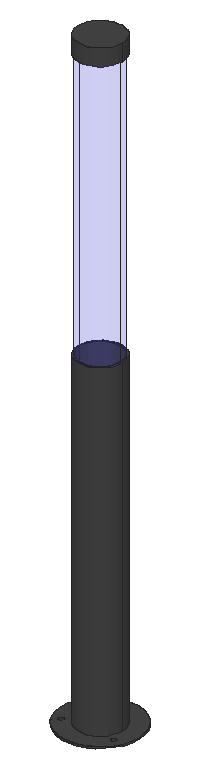
Revit family "svetilnik_alfresco_solo", category Осветительные приборы, Revit 2016
Family settings
  Тип детали = Нормальный
  Размер круглого соединителя = Использовать диаметр
  На основе рабочей плоскости = Нет
  Всегда вертикально = Да
  При загрузке вырезать с полостями = Нет
  Источник света = Да
  Общий = Нет
  Точка расчета площади = Нет
Parameters (values of type "Соло-1,5 (1)")
  built-in parameter 1150104 = 13.8 (stored number, unit not read)
  built-in parameter 1150134 = 12
  Файл фотометрической сетки = "solo12W 1,5m.ies"
  Tilt Angle = 90.00°  # constant formula
  built-in parameter 1150137 = (empty or 0)
  built-in parameter 1150132 = 2
  built-in parameter 1150114 = 1 (stored number, unit not read)
  Dimming Lamp Color Temperature Shift = (empty or 0)
  built-in parameter 1150105 = 105.04 (stored number, unit not read)
  Color Filter = 16777215
  Lumens = 1320 lm
  Радиус фланца = 95 mm
  Ширина корпуса = 108 mm
  Цветовая температура = "2700-6500"
  Тип продукции = "LED-светильник"
  Тип ПРА = "-"
  Тип КСС = "Круглосимметричная"
  Тип ИС = "LED-светодиоды"
  Температура эксплуатации = "-35 +40"
  Разработано = "support@bimlib.ru"  # constant formula
  built-in parameter 1150109 = 1 (stored number, unit not read)
  built-in parameter 1150112 = 1 (stored number, unit not read)
  built-in parameter 1150110 = 1 (stored number, unit not read)
  built-in parameter 1150113 = 1 (stored number, unit not read)
  built-in parameter 1150115 = 1 (stored number, unit not read)
  built-in parameter 1114218 = 1 (stored number, unit not read)
  built-in parameter 1114217 = 1 (stored number, unit not read)
  Плафон = PC
  built-in parameter 1150106 = 1.0504 (stored number, unit not read)
  built-in parameter 1150142 = "IESNA:LM-63-1995\r\n[TEST]\tAlf\r\n[MANUFAC] Alfresco\r\n[LUMCAT]Соло\r\n[LUMINAIRE] Landscape\r\n[LAMP]25W led\r\n[DATE]\t07.09.14\r\nTILT=NONE\r\n1 1200.0 1.2 37 1 1 2 0.10 0.10 0.70\r\n1.0 1 12.0\r\n0.0 5.0 10.0 15.0 20.0 25.0 30.0 35.0 40.0 45.0 50.0 55.0 60.0 65.0 70.0 75.0 80.0 85.0 90.0 95.0 100.0 105.0 110.0 115.0 120.0\r\n 125.0 130.0 135.0 140.0 145.0 150.0 155.0 160.0 165.0 170.0 175.0 180.0\r\n0.0\r\n0.0 0.0 3.0 8.0 12.0 17.0 22.0 26.0 31.0 35.0 39.0 42.0 44.0 46.0 47.0 48.0 49.0 50.0 50.0 51.0 51.0 51.0 50.0 50.0 48.0 46.0 43.0\r\n 39.0 35.0 31.0 28.0 27.0 25.0 23.0 16.0 10.0 7.0\r\n"
  built-in parameter 1150133 = 10 (stored number, unit not read)
  Wattage = 8.88638 W
  Радиус  корпуса светильника = 54 mm
  built-in parameter 1150139 = (empty or 0)
  built-in parameter 1150138 = (empty or 0)
  built-in parameter 1150107 = 4000 (stored number, unit not read)
  built-in parameter 1150102 = (empty or 0)
  Emit from Circle Diameter = 100 mm  # constant formula
  Высота плафона = 656 mm
  Высота крышки = 40 mm
  Полная установленная мощность = ADSK_Номинальная мощность / ADSK_Коэффициент мощности  # 12.2449 VA
  Область использования = "ландшафт, коттедж. Посёлки,микрорайоны"
  Материал рассеивателя = "PC"
  Корпус светильника = Сталь крашенная чёрная
  Климатическая зона = "У1"
  Класс пожароопасности = "F (светильники предназначены для установки непосредственно на поверхность из нормально воспламеняемых материалов)"
  Класс защиты = "1"
  Изготовитель = "ALFRESCO"  # constant formula
  Видимая форма излучения при визуализации = no
  Блок аварийного питания = no
  URL = "http://www.allfresco.ru/item/DTU-22-AF"
  IP Class = "IP 66"
  ADSK_Энергоэффективность = 110 lm/W
  ADSK_Ток = ADSK_Номинальная мощность / (ADSK_Коэффициент мощности * ADSK_Напряжение * sqrt(ADSK_Количество фаз числовое))  # 0.0393566 A
  ADSK_Размер_Высота = 1500 mm
  ADSK_Примечание [instance] = ""
  ADSK_Полная мощность = ADSK_Номинальная мощность / ADSK_Коэффициент мощности  # 12.2449 VA
  ADSK_Позиция = ""
  ADSK_Номинальная мощность = 12 W
  ADSK_Напряжение = 220 V
  ADSK_Наименование = "Светодиодный светильник Соло ДТУ-22-AF-12Вт-1,5-IP66"
  ADSK_Модель = "ДТУ-22-AF Соло"
  ADSK_Масса = 10.1
  ADSK_Коэффициент мощности = 0.98
  ADSK_Количество фаз числовое = 2
  ADSK_Количество фаз = 2
  ADSK_Код изделия = ""
  ADSK_Классификация нагрузок [instance] = Освещение
  ADSK_Завод-изготовитель = "ALFRESCO"  # constant formula
  ADSK_Единица измерения = "шт."
  ADSK_Артикул = "ДТУ2216"
Types (4, lengths in mm): name | Файл фотометрической сетки | built-in parameter 1150105 | Lumens | built-in parameter 1150106 | built-in parameter 1150142 | Wattage | Высота плафона | Полная установленная мощность | ADSK_Ток | ADSK_Размер_Высота | ADSK_Полная мощность | ADSK_Номинальная мощность | ADSK_Наименование | ADSK_Масса | ADSK_Артикул
  Соло-1,0 | "solo12W 1m.ies" | 105.04 (stored number, unit not read) | 1320 lm | 1.0504 (stored number, unit not read) | "IESNA:LM-63-1995\r\n[TEST]\tAlf\r\n[MANUFAC] Alfresco\r\n[LUMCAT]Соло\r\n[LUMINAIRE] Landscape\r\n[LAMP]12W led\r\n[DATE]\t07.09.14\r\nTILT=NONE\r\n1 1200.0 1.2 37 1 1 2 0.10 0.10 0.40\r\n1.0 1 12.0\r\n0.0 5.0 10.0 15.0 20.0 25.0 30.0 35.0 40.0 45.0 50.0 55.0 60.0 65.0 70.0 75.0 80.0 85.0 90.0 95.0 100.0 105.0 110.0 115.0 120.0\r\n 125.0 130.0 135.0 140.0 145.0 150.0 155.0 160.0 165.0 170.0 175.0 180.0\r\n0.0\r\n0.0 0.0 3.0 8.0 12.0 17.0 22.0 26.0 31.0 35.0 39.0 42.0 44.0 46.0 47.0 48.0 49.0 50.0 50.0 51.0 51.0 51.0 50.0 50.0 48.0 46.0 43.0\r\n 39.0 35.0 31.0 28.0 27.0 25.0 23.0 16.0 10.0 7.0\r\n" | 8.88638 W | 460 | 12.2449 VA | 0.0393566 A | 1000 | 12.2449 VA | 12 W | "Светодиодный светильник Соло ДТУ-22-AF-12Вт-1,0-IP66" | 9 | "ДТУ2214"
  Соло-1,5 (1) | "solo12W 1,5m.ies" | 105.04 (stored number, unit not read) | 1320 lm | 1.0504 (stored number, unit not read) | "IESNA:LM-63-1995\r\n[TEST]\tAlf\r\n[MANUFAC] Alfresco\r\n[LUMCAT]Соло\r\n[LUMINAIRE] Landscape\r\n[LAMP]25W led\r\n[DATE]\t07.09.14\r\nTILT=NONE\r\n1 1200.0 1.2 37 1 1 2 0.10 0.10 0.70\r\n1.0 1 12.0\r\n0.0 5.0 10.0 15.0 20.0 25.0 30.0 35.0 40.0 45.0 50.0 55.0 60.0 65.0 70.0 75.0 80.0 85.0 90.0 95.0 100.0 105.0 110.0 115.0 120.0\r\n 125.0 130.0 135.0 140.0 145.0 150.0 155.0 160.0 165.0 170.0 175.0 180.0\r\n0.0\r\n0.0 0.0 3.0 8.0 12.0 17.0 22.0 26.0 31.0 35.0 39.0 42.0 44.0 46.0 47.0 48.0 49.0 50.0 50.0 51.0 51.0 51.0 50.0 50.0 48.0 46.0 43.0\r\n 39.0 35.0 31.0 28.0 27.0 25.0 23.0 16.0 10.0 7.0\r\n" | 8.88638 W | 656 | 12.2449 VA | 0.0393566 A | 1500 | 12.2449 VA | 12 W | "Светодиодный светильник Соло ДТУ-22-AF-12Вт-1,5-IP66" | 10.1 | "ДТУ2216"
  Соло-1,5 (2) | "solo25W 1,5m.ies" | 218.84 (stored number, unit not read) | 2750 lm | 2.1884 (stored number, unit not read) | "IESNA:LM-63-1995\r\n[TEST]\tAlf\r\n[MANUFAC] Alfresco\r\n[LUMCAT]Соло\r\n[LUMINAIRE] Landscape\r\n[LAMP]25W led\r\n[DATE]\t07.09.14\r\nTILT=NONE\r\n1 2500.0 2.5 37 1 1 2 0.10 0.10 0.70\r\n1.0 1 25.0\r\n0.0 5.0 10.0 15.0 20.0 25.0 30.0 35.0 40.0 45.0 50.0 55.0 60.0 65.0 70.0 75.0 80.0 85.0 90.0 95.0 100.0 105.0 110.0 115.0 120.0\r\n 125.0 130.0 135.0 140.0 145.0 150.0 155.0 160.0 165.0 170.0 175.0 180.0\r\n0.0\r\n0.0 0.0 3.0 8.0 12.0 17.0 22.0 26.0 31.0 35.0 39.0 42.0 44.0 46.0 47.0 48.0 49.0 50.0 50.0 51.0 51.0 51.0 50.0 50.0 48.0 46.0 43.0\r\n 39.0 35.0 31.0 28.0 27.0 25.0 23.0 16.0 10.0 7.0\r\n" | 18.5133 W | 656 | 25.5102 VA | 0.0819929 A | 1500 | 25.5102 VA | 25 W | "Светодиодный светильник Соло ДТУ-22-AF-25Вт-1,5-IP66" | 10.2 | "ДТУ2215"
  Соло-2 | "solo25W 2m.ies" | 218.84 (stored number, unit not read) | 2750 lm | 2.1884 (stored number, unit not read) | "IESNA:LM-63-1995\r\n[TEST]\tAlf\r\n[MANUFAC] Alfresco\r\n[LUMCAT]Соло\r\n[LUMINAIRE] Landscape\r\n[LAMP]25W led\r\n[DATE]\t07.09.14\r\nTILT=NONE\r\n1 2500.0 2.5 37 1 1 2 0.10 0.10 1.20\r\n1.0 1 25.0\r\n0.0 5.0 10.0 15.0 20.0 25.0 30.0 35.0 40.0 45.0 50.0 55.0 60.0 65.0 70.0 75.0 80.0 85.0 90.0 95.0 100.0 105.0 110.0 115.0 120.0\r\n 125.0 130.0 135.0 140.0 145.0 150.0 155.0 160.0 165.0 170.0 175.0 180.0\r\n0.0\r\n0.0 0.0 3.0 8.0 12.0 17.0 22.0 26.0 31.0 35.0 39.0 42.0 44.0 46.0 47.0 48.0 49.0 50.0 50.0 51.0 51.0 51.0 50.0 50.0 48.0 46.0 43.0\r\n 39.0 35.0 31.0 28.0 27.0 25.0 23.0 16.0 10.0 7.0\r\n" | 18.5133 W | 1156 | 25.5102 VA | 0.0819929 A | 2000 | 25.5102 VA | 25 W | "Светодиодный светильник Соло ДТУ-22-AF-25Вт-2,0-IP66" | 11.2 | "ДТУ2212"
Reference planes
  plane 1 "По центру (Вперед/Назад)": y = 0
  plane 2: z = 0
  plane 3 "По центру (Влево/Вправо)": x = 0
  plane 4: z = 1500
  plane 5: z = 1460
  plane 6: z = 804
  plane 7: through (0, 0.022, 1200) normal (0.4967, -0.8679, 0)
  plane 8: through (0, 0.022, 1200) normal (0.5216, 0.8532, 0)
Forms (mm)
  Extrusion 1, solid, material "Сталь крашенная чёрная" <- "Корпус светильника", detail levels medium+fine
    sketch origin (0, 0, 0) x (1, 0, 0) y (0, 1, 0)
      loop
        circle (0, 0.017) r 95
    from 0 to 4
  Extrusion 2, solid, material "Сталь крашенная чёрная" <- "Корпус светильника", not visible
    sketch origin (0, 0, 0) x (1, 0, 0) y (0, 0, 1)
      loop
        line (-40, 275) -> (-40, 45) -> (40, 45) -> (40, 275) -> (-40, 275)
    from 50 to 53
  Sweep 3, void, not visible
    path origin (0, 0, 0) x (1, 0, 0) y (0, 0, 1)
      loop
        line (-40, 275) -> (-40, 45) -> (40, 45) -> (40, 275) -> (-40, 275)
    profile origin (0, 0, 275) x (0, 0, 1) y (0, -1, 0)
      loop
        line (0, 53) -> (-5.115, 53) -> (0, 50.829) -> (0, 53)
  Extrusion 4, void, not visible
    sketch origin (0, 0, 0) x (0, 1, 0) y (0, 0, 1)
      loop
        line (-53, 242.5) -> (-53, 62.773) -> (-6.251, 242.5) -> (-53, 242.5)
    from -31.068 to 31.068
  Extrusion 5, solid, not visible
    sketch origin (10.462, 0, 0) x (0, 1, 0) y (0, 0, 1)
      loop
        line (-50, 242.5) -> (-50, 74.05) -> (-5.187, 242.5) -> (-50, 242.5)
    from 21.406 to 20.606
  Extrusion 6, solid, material "Отражатель", not visible
    sketch origin (-10.462, 0, 0) x (0, 1, 0) y (0, 0, -1)
      loop
        line (-50, -242.5) -> (-5.187, -242.5) -> (-50, -74.05) -> (-50, -242.5)
    from 21.406 to 20.606
  Extrusion 7, solid, material "Отражатель", not visible
    sketch origin (0, 0, 0) x (0, 1, 0) y (0, 0, 1)
      loop
        line (-50, 74.05) -> (-48.948, 73.77) -> (-4.06, 242.5) -> (-5.187, 242.5) -> (-50, 74.05)
    from -31.068 to 31.068
  Extrusion 8, solid, not visible
    sketch origin (0, 0, 0) x (1, 0, 0) y (0, 1, 0)
      loop
        line (-31.068, -4.06) -> (-31.068, -45) -> (31.068, -45) -> (31.068, -4.06) -> (-31.068, -4.06)
      loop
        line (0, -32.789) -> (-23.125, -32.789) -> (-23.125, -40.914) -> (0, -40.914) -> (23.125, -40.914) -> (23.125, -32.789) -> (0, -32.789)
    from 242.5 to 243.44
  Extrusion 9, solid, material "Пластик", not visible
    sketch origin (0, 0, 0) x (1, 0, 0) y (0, 1, 0)
      loop
        line (-23.125, -32.789) -> (-23.125, -40.914) -> (23.125, -40.914) -> (23.125, -32.789) -> (-23.125, -32.789)
    from 242.5 to 243.44
  Extrusion 10, solid, not visible
    sketch origin (10.462, 0, 0) x (0, 1, 0) y (0, 0, 1)
      loop
        line (-50, 242.5) -> (-50, 74.05) -> (-5.187, 242.5) -> (-50, 242.5)
    from 21.406 to 20.606
  Extrusion 11, solid, material "Отражатель", not visible
    sketch origin (-10.462, 0, 0) x (0, 1, 0) y (0, 0, -1)
      loop
        line (-50, -242.5) -> (-5.187, -242.5) -> (-50, -74.05) -> (-50, -242.5)
    from 21.406 to 20.606
  Extrusion 12, solid, material "Отражатель", not visible
    sketch origin (0, 0, 0) x (0, 1, 0) y (0, 0, 1)
      loop
        line (-50, 74.05) -> (-48.948, 73.77) -> (-4.06, 242.5) -> (-5.187, 242.5) -> (-50, 74.05)
    from -31.068 to 31.068
  Extrusion 13, solid, not visible
    sketch origin (0, 0, 0) x (1, 0, 0) y (0, 1, 0)
      loop
        line (-31.068, -4.06) -> (-31.068, -45) -> (31.068, -45) -> (31.068, -4.06) -> (-31.068, -4.06)
      loop
        line (0, -32.789) -> (-23.125, -32.789) -> (-23.125, -40.914) -> (0, -40.914) -> (23.125, -40.914) -> (23.125, -32.789) -> (0, -32.789)
    from 242.5 to 243.44
  Extrusion 14, solid, material "Пластик", not visible
    sketch origin (0, 0, 0) x (1, 0, 0) y (0, 1, 0)
      loop
        line (-23.125, -32.789) -> (-23.125, -40.914) -> (23.125, -40.914) -> (23.125, -32.789) -> (-23.125, -32.789)
    from 242.5 to 243.44
  Extrusion 15, void
    sketch origin (0, 0, 0) x (1, 0, 0) y (0, 1, 0)
      loop
        circle (0, 75.022) r 6
      loop
        circle (-65.092, -37.234) r 6
      loop
        circle (63.989, -39.098) r 6
    from 0 to 4
  Extrusion 16, solid, material "Сталь крашенная чёрная", detail levels medium+fine
    sketch origin (0, 0, 0) x (1, 0, 0) y (0, 1, 0)
      loop
        circle (0, 0) r 54
      loop
        circle (0, 0) r 51
    from 4 to 1460
  Extrusion 17, solid, material "Сталь крашенная чёрная" <- "Корпус светильника", detail levels medium+fine
    sketch origin (0, 0, 0) x (1, 0, 0) y (0, 1, 0)
      loop
        circle (0, 0) r 54
    from 1460 to 1500
  Extrusion 18, void
    sketch origin (0, 0, 0) x (1, 0, 0) y (0, 1, 0)
      loop
        circle (-0.482, -0.439) r 60
    from 804 to 1460
  Extrusion 19, solid, material "PC" <- "Плафон", detail levels medium+fine
    sketch origin (0, 0, 0) x (1, 0, 0) y (0, 1, 0)
      loop
        circle (0, 0) r 50
    from 804 to 1460
Cuts and joins
  Extrusion 15 cuts Extrusion 1
  Extrusion 18 cuts Extrusion 16
Lines and regions (mm)
  model lines, detail levels coarse
    curve 1: line (0, 0, 4) -> (0, 0, 1500)
    curve 2: line (-95, 0, 0) -> (95, 0, 0)
Dimensions and locks
  "ADSK_Размер_Высота": plane 4 to level
  locked: Sweep 3 sketch curve to Sweep 3 sketch curve at 2.171
  "Высота крышки": plane 4 to plane 5
  "Высота плафона": plane 5 to plane 6
  "Радиус  корпуса светильника": plane 3 "По центру (Влево/Вправо)" to Extrusion 17
  cut or joined group of Extrusion 16, Extrusion 18 to cut or joined group of Extrusion 16, Extrusion 18 = 800 mm
  cut or joined group of Extrusion 1, Extrusion 15 to cut or joined group of Extrusion 1, Extrusion 15 = 4 mm
  locked: plane 5 to imposter light
  aligned and locked: level to plane 2
  aligned and locked: plane 5 to Extrusion 16
  aligned and locked: plane 4 to Extrusion 17
  aligned and locked: plane 6 to Extrusion 18
  aligned and locked: plane 5 to Extrusion 19
  aligned and locked: Extrusion 19 to plane 6
  aligned and locked: Extrusion 17 to plane 5
  aligned and locked: Extrusion 17 to plane 4
  aligned and locked: Extrusion 19 to plane 5
  aligned and locked: plane 6 to Extrusion 19
  aligned and locked: plane 5 to Extrusion 18
  aligned and locked: plane 3 "По центру (Влево/Вправо)" to curve 1
  aligned and locked: plane 4 to curve 1
Automatic sketch dimensions
  Sweep 3 sketch curve to Sweep 3 sketch curve = 5.115 mm
  Extrusion 7 sketch curve to Extrusion 7 sketch curve = 0.28 mm
  Extrusion 8 sketch curve to Extrusion 8 sketch curve = 8.125 mm
  Extrusion 9 sketch curve to Extrusion 9 sketch curve = 8.125 mm
  Extrusion 2 sketch curve to Extrusion 2 sketch curve = 80 mm
  Extrusion 2 sketch curve to Extrusion 2 sketch curve = 230 mm
  Sweep 3 sketch curve to Sweep 3 sketch curve = 80 mm
  Sweep 3 sketch curve to Sweep 3 sketch curve = 230 mm
  profile plane to Sweep 3 sketch curve = 0 mm
  profile plane to Sweep 3 sketch curve = 50.829 mm
  Extrusion 4 sketch curve to Extrusion 4 sketch curve = 46.749 mm
  Extrusion 4 sketch curve to Extrusion 4 sketch curve = 179.727 mm
  Extrusion 5 sketch curve to Extrusion 5 sketch curve = 44.813 mm
  Extrusion 5 sketch curve to Extrusion 5 sketch curve = 168.45 mm
  Extrusion 6 sketch curve to Extrusion 6 sketch curve = 44.813 mm
  Extrusion 6 sketch curve to Extrusion 6 sketch curve = 168.45 mm
  Extrusion 7 sketch curve to Extrusion 7 sketch curve = 1.052 mm
  Extrusion 7 sketch curve to Extrusion 7 sketch curve = 44.813 mm
  Extrusion 8 sketch curve to Extrusion 8 sketch curve = 7.943 mm  (x2)
  Extrusion 8 sketch curve to Extrusion 8 sketch curve = 23.125 mm  (x2)
  Extrusion 8 sketch curve to Extrusion 8 sketch curve = 0 mm
  Extrusion 8 sketch curve to Extrusion 8 sketch curve = 4.086 mm
  Extrusion 8 sketch curve to Extrusion 8 sketch curve = 28.729 mm
  Extrusion 9 sketch curve to Extrusion 9 sketch curve = 46.25 mm
  Extrusion 12 sketch curve to Extrusion 12 sketch curve = 0.28 mm
  Extrusion 13 sketch curve to Extrusion 13 sketch curve = 8.125 mm
  Extrusion 14 sketch curve to Extrusion 14 sketch curve = 8.125 mm
  Extrusion 10 sketch curve to Extrusion 10 sketch curve = 44.813 mm
  Extrusion 10 sketch curve to Extrusion 10 sketch curve = 168.45 mm
  Extrusion 11 sketch curve to Extrusion 11 sketch curve = 44.813 mm
  Extrusion 11 sketch curve to Extrusion 11 sketch curve = 168.45 mm
  Extrusion 12 sketch curve to Extrusion 12 sketch curve = 1.052 mm
  Extrusion 12 sketch curve to Extrusion 12 sketch curve = 44.813 mm
  Extrusion 13 sketch curve to Extrusion 13 sketch curve = 7.943 mm  (x2)
  Extrusion 13 sketch curve to Extrusion 13 sketch curve = 23.125 mm  (x2)
  Extrusion 13 sketch curve to Extrusion 13 sketch curve = 0 mm
  Extrusion 13 sketch curve to Extrusion 13 sketch curve = 4.086 mm
  Extrusion 13 sketch curve to Extrusion 13 sketch curve = 28.729 mm
  Extrusion 14 sketch curve to Extrusion 14 sketch curve = 46.25 mm
  Extrusion 16 sketch curve to Extrusion 16 sketch curve = 0 mm  (x2)
  plane 1 "По центру (Вперед/Назад)" to Extrusion 16 sketch curve = 0 mm
  Extrusion 16 sketch curve to plane 3 "По центру (Влево/Вправо)" = 0 mm
  plane 1 "По центру (Вперед/Назад)" to Extrusion 17 sketch curve = 0 mm
  Extrusion 17 sketch curve to plane 3 "По центру (Влево/Вправо)" = 0 mm
  Extrusion 1 sketch curve to plane 3 "По центру (Влево/Вправо)" = 0 mm
  Extrusion 1 sketch curve to plane 1 "По центру (Вперед/Назад)" = 0.017 mm
  Extrusion 15 sketch curve to plane 3 "По центру (Влево/Вправо)" = 0 mm
  Extrusion 15 sketch curve to plane 3 "По центру (Влево/Вправо)" = 65.092 mm
  plane 3 "По центру (Влево/Вправо)" to Extrusion 15 sketch curve = 63.989 mm
  plane 1 "По центру (Вперед/Назад)" to Extrusion 15 sketch curve = 37.234 mm
  plane 1 "По центру (Вперед/Назад)" to Extrusion 15 sketch curve = 39.098 mm
  Extrusion 15 sketch curve to plane 1 "По центру (Вперед/Назад)" = 75.022 mm
  plane 1 "По центру (Вперед/Назад)" to Extrusion 18 sketch curve = 0.439 mm
  Extrusion 18 sketch curve to plane 3 "По центру (Влево/Вправо)" = 0.482 mm
  plane 1 "По центру (Вперед/Назад)" to Extrusion 19 sketch curve = 0 mm
  Extrusion 19 sketch curve to plane 3 "По центру (Влево/Вправо)" = 0 mm
  curve 2 to level = 0 mm
  curve 2 to plane 3 "По центру (Влево/Вправо)" = 95 mm
  plane 3 "По центру (Влево/Вправо)" to curve 2 = 95 mm
  level to curve 1 = 4 mm
  radius of Extrusion 16 sketch curve = 54 mm
  radius of Extrusion 16 sketch curve = 51 mm
  radius of Extrusion 17 sketch curve = 54 mm
  radius of Extrusion 1 sketch curve = 95 mm
  radius of Extrusion 15 sketch curve = 6 mm  (x3)
  radius of Extrusion 18 sketch curve = 60 mm
  radius of Extrusion 19 sketch curve = 50 mm
Nested families
  nested 1: "УГО_Осветительный прибор" at (0, 0, 0), type "УГО_Осветительный прибор", detail levels coarse
Connectors
  electrical at (0, 0.017, 0), driven by "ADSK_Классификация нагрузок", driven by "ADSK_Количество фаз", driven by "ADSK_Напряжение", driven by "ADSK_Полная мощность", driven by "ADSK_Коэффициент мощности"
    settings: on cut or joined group of Extrusion 1, Extrusion 15, index 1, voltage 220 V, apparent load 12.2449 VA, apparent load phase1 0 VA, apparent load phase2 0 VA, apparent load phase3 0 VA, power factor 0.98, load classification "Освещение", number of poles 2, system type 30, power factor state 1, is connector primary yes, connector utility no, sub classification motor no, connector description ""
Definition of nested family "УГО_Осветительный прибор"
  Reference planes
    plane 1: y = 0
    plane 2: x = 0
  Lines and regions (mm)
    detail lines
      curve 1: circle (0, 0, 0) r 1.75 normal (0, 0, 1)
      curve 2: line (-1.021, 1.421, 0) -> (-1.021, -1.421, 0)
      curve 3: line (1.021, 1.421, 0) -> (1.021, -1.421, 0)
